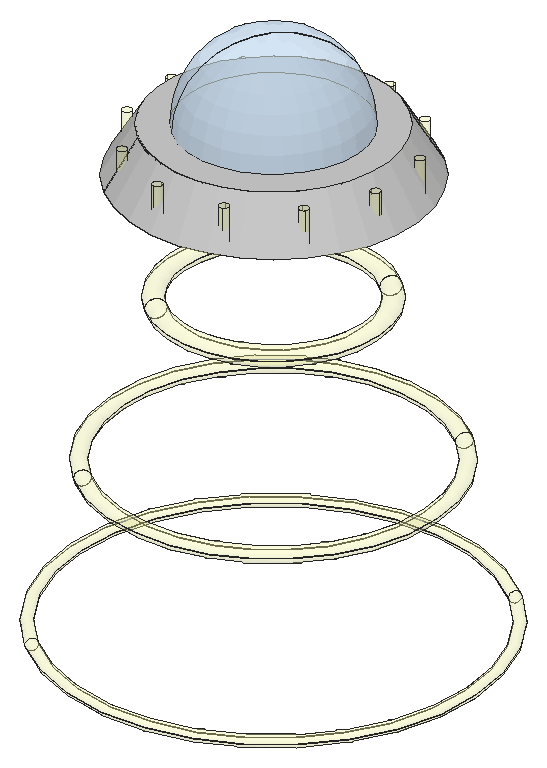
Revit family "UFO", category Generic Models, Revit 2020
Family settings
  Can host rebar = No
  Round Connector Dimension = Use Diameter
  Part Type = Normal
  Work Plane-Based = No
  Always vertical = Yes
  Cut with Voids When Loaded = No
  Shared = No
  Room Calculation Point = No
Parameters (values of type "UFO_main")
  show_beam [instance] = yes
  angle [instance] = 50.00°
  Default Elevation = 0 mm
Reference planes
  plane 1 "Center (Front/Back)": y = 0
  plane 2: z = 0
  plane 3 "Center (Left/Right)": x = 0
Lines and regions (mm)
  reference lines
    curve 1: line (0, 0, 0) -> (1221.296, 1455.484, 0)
Dimensions and locks
  "angle": angle plane 1 "Center (Front/Back)" to curve 1
  aligned and locked: plane 2 to level
  aligned and locked: plane 1 "Center (Front/Back)" to curve 1
  aligned and locked: plane 3 "Center (Left/Right)" to curve 1
Nested families
  nested 1: "UFO_lift" at (0, 0, 0) x (-0.6428, -0.766, 0) z (0.766, -0.6428, 0), type "Family1"
    with show_beam yes
Definition of nested family "UFO_lift"
  Parameters
    show_beam [instance] = yes
    Default Elevation = 1219.2 mm
  Reference planes
    plane 1 "Center (Front/Back)": y = 0
    plane 2: z = 0
    plane 3 "Center (Left/Right)": x = 0
  Dimensions and locks
    aligned and locked: level to plane 2
  Nested families
    nested 1: "UFO_unit" at (0, -6000, 0) x (-1, 0, 0) z (0, -1, 0), show_beam <- "show_beam", type "UFO_unit"
      with show_beam yes
  Definition of nested family "UFO_unit"
    Parameters (values of type "UFO_unit")
      show_beam [instance] = yes
      Default Elevation = 0 mm
    Reference planes
      plane 1 "Center (Front/Back)": y = 0
      plane 2: z = 0
      plane 3 "Center (Left/Right)": x = 0
    Forms (mm)
      Blend 1, solid
        base sketch origin (0, 0, 0) x (1, 0, 0) y (0, 1, 0)
          loop
            circle (0, 0) r 1500
        top sketch origin (0, 0, 0) x (1, 0, 0) y (0, 1, 0)
          loop
            circle (0, 0) r 1200
        from 0 to 500
      Revolve 2, solid
        sketch origin (0, 0, 0) x (1, 0, 0) y (0, 0, 1)
          loop
            arc (900, 500) -> (636.396, 1136.396) -> (0, 1400) r 900
            line (0, 1400) -> (0, 500) -> (900, 500)
          axis (0, 1400) -> (0, 500)
        angle from 0 to 360
      Extrusion 3, solid
        sketch origin (-900, 0, 0) x (1, 0, 0) y (0, 1, 0)
          loop
            circle (2234.357, 0) r 50
        from 50 to 400
      Extrusion 4, solid
        sketch origin (-779.423, 450, 0) x (0.866025, -0.5, 0) y (0.5, 0.866025, 0)
          loop
            circle (2234.357, 0) r 50
        from 50 to 400
      Extrusion 5, solid
        sketch origin (-779.423, -450, 0) x (0.866025, 0.5, 0) y (-0.5, 0.866025, 0)
          loop
            circle (2234.357, 0) r 50
        from 50 to 400
      Extrusion 6, solid
        sketch origin (-450, -779.423, 0) x (0.5, 0.866025, 0) y (-0.866025, 0.5, 0)
          loop
            circle (2234.357, 0) r 50
        from 50 to 400
      Extrusion 7, solid
        sketch origin (0, -900, 0) x (0, 1, 0) y (-1, 0, 0)
          loop
            circle (2234.357, 0) r 50
        from 50 to 400
      Extrusion 8, solid
        sketch origin (450, -779.423, 0) x (-0.5, 0.866025, 0) y (-0.866025, -0.5, 0)
          loop
            circle (2234.357, 0) r 50
        from 50 to 400
      Extrusion 9, solid
        sketch origin (779.423, -450, 0) x (-0.866025, 0.5, 0) y (-0.5, -0.866025, 0)
          loop
            circle (2234.357, 0) r 50
        from 50 to 400
      Extrusion 10, solid
        sketch origin (900, 0, 0) x (-1, 0, 0) y (0, -1, 0)
          loop
            circle (2234.357, 0) r 50
        from 50 to 400
      Extrusion 11, solid
        sketch origin (779.423, 450, 0) x (-0.866025, -0.5, 0) y (0.5, -0.866025, 0)
          loop
            circle (2234.357, 0) r 50
        from 50 to 400
      Extrusion 12, solid
        sketch origin (450, 779.423, 0) x (-0.5, -0.866025, 0) y (0.866025, -0.5, 0)
          loop
            circle (2234.357, 0) r 50
        from 50 to 400
      Extrusion 13, solid
        sketch origin (0, 900, 0) x (0, -1, 0) y (1, 0, 0)
          loop
            circle (2234.357, 0) r 50
        from 50 to 400
      Extrusion 14, solid
        sketch origin (-450, 779.423, 0) x (0.5, -0.866025, 0) y (0.866025, 0.5, 0)
          loop
            circle (2234.357, 0) r 50
        from 50 to 400
      Sweep 15, solid, visible <- "show_beam"
        path in 3D
          loop
            arc (-500, 0, 0) -> (0, -500, 0) -> (500, 0, 0) r 500
            arc (500, 0, 0) -> (0, 500, 0) -> (-500, 0, 0) r 500
        profile "profile : DD" origin (0, 500, 0) x (0, -1, 0) y (0, 0, 1)
          loop
            circle (-1629.857, -4421.73) r 60
          loop
            circle (-1183.611, -2822.233) r 80
          loop
            circle (-537.701, -1215.914) r 100
    Lines and regions (mm)
      reference lines
        curve 1: circle (0, 0, 0) r 500 normal (0, 0, 1)
      sketch lines
        curve 2: circle (0, 0, 0) r 500 normal (0, 0, 1)
    Dimensions and locks
      aligned and locked: plane 2 to level
